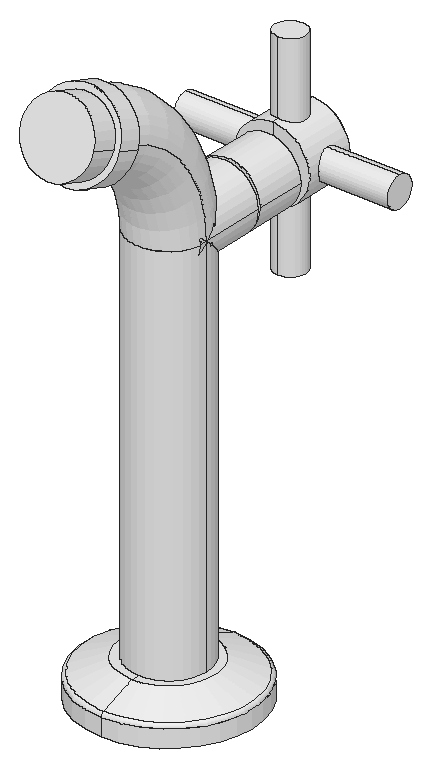
Revit family "Deca_Torneira Cozinha Izy_1159.C37_Bica Móvel Curta Parede", category Plumbing Fixtures, host Face, Revit 2012
Parameters (values of type "1159.C37_Cromado CR10")
  Vendido Separadamente = ""
  Variações de COR = "Cromado (1159.C37)"  # constant formula
  URL = "www.deca.com.br/produtos"
  Torneira = Deca CR10 Cromado Metal
  Segmento = "Médio"  # constant formula
  Raio Água Fria = 7.5 mm  # constant formula
  Produto = "Torneira Cozinha bica móvel curta Parede Izy"  # constant formula
  Pressão = "2 A 40 mca"  # constant formula
  Peso Liquido (Kg) = 0.58
  Norma = "ABNT NBR 15748: 2009"  # constant formula
  Model = Código  # "1159.C37"
  Material = "Deca_Latão Cromado e Plástico de Engenharia"  # constant formula
  Manufacturer = "Deca"  # constant formula
  Louça/Metais = "Metal"  # constant formula
  Linha = "Izy"  # constant formula
  Informações Complementares = "Mecanismo: 3 1/2 voltas"  # constant formula
  Flow Pressure = 0.00 psi
  Diâmetro Água Fria = Raio Água Fria * 2  # 15 mm
  Description = "Torneira cozinha parede"  # constant formula
  Default Elevation = 300 mm
  Código = "1159.C37"  # constant formula
  Criado por = "Contino/quattroD"  # constant formula
  Consumo = "Varia com a pressão"  # constant formula
  CWFU = 0
  Atendimento ao Cliente = "0800-0117073"  # constant formula
  Assembly Code = "D2020"
  Aprovado por = "Contino/quattroD"  # constant formula
  Acompanha o Produto = ""
Reference planes
  plane 1 "Center (Front/Back)": y = -110
  plane 2: z = 0
  plane 3 "Center (Left/Right)": x = 0
  plane 4 "Front 2": z = 179.18
  plane 5 "Front 1": z = 10.474
  plane 6 "Left 1": x = -25
  plane 7 "Top 1": y = -85
  plane 8 "Right 1": x = 24.99
  plane 9 "Bottom 1": y = -135
  plane 10 "Top 2": y = -58.178
  plane 11 "Bottom 2": y = -157.843
Forms (mm)
  Revolve 1, solid, material "Deca CR10 Cromado Metal" <- "Torneira"
    sketch origin (0, 0, 0) x (0, 1, 0) y (0, 0, 1)
      loop
        line (-110, 10.464) -> (-110, 0) -> (-85, 0) -> (-85, 5.212)
        arc (-85, 5.212) -> (-85.301, 5.95) -> (-85.937, 6.43) r 1.5
        line (-85.937, 6.43) -> (-96.124, 10.464) -> (-110, 10.464)
      axis (-110, 0) -> (-110, 10.464)
    angle from 0 to 360
  Sweep 2, solid, material "Deca CR10 Cromado Metal" <- "Torneira"
    path origin (0, 0, 0) x (0, 1, 0) y (0, 0, 1)
      loop
        line (-110, 10.464) -> (-110, 124.926)
        arc (-110, 124.926) -> (-118.026, 148.913) -> (-138.871, 163.239) r 39.857
    profile origin (0, -110, 67.695) x (0, -1, 0) y (1, 0, 0)
      loop
        circle (0, 0) r 11.34
  Extrusion 3, solid, material "Deca CR10 Cromado Metal" <- "Torneira"
    sketch origin (-236.441, -110, -33.456) x (1, 0, 0) y (0, 0, 1)
      loop
        circle (237.768, 158.687) r 10
    from -19.029 to 2.336
  Extrusion 4, solid, material "Deca CR10 Cromado Metal" <- "Torneira"
    sketch origin (0, 0, 71.25) x (0, 1, 0) y (0, 0, 1)
      loop
        circle (-63.664, 54.046) r 4.486
    from -31.976 to 31.724
  Revolve 5, solid, material "Deca CR10 Cromado Metal" <- "Torneira"
    sketch origin (0, 0, 71.25) x (0, 1, 0) y (0, 0, 1)
      loop
        line (-74.884, 53.981) -> (-74.884, 48.05) -> (-71.441, 48.05) -> (-71.441, 42.942) -> (-56.538, 42.942) -> (-56.538, 53.981) -> (-74.884, 53.981)
      axis (-56.538, 53.981) -> (-74.884, 53.981)
    angle from 0 to 360
  Extrusion 6, solid, material "Deca CR10 Cromado Metal" <- "Torneira"
    sketch origin (63.664, -118.791, 125.296) x (1, 0, 0) y (0, 1, 0)
      loop
        circle (-63.664, 54.046) r 4.486
    from -30.968 to 32.575
  Revolve 7, solid, material "Deca CR10 Cromado Metal" <- "Torneira"
    sketch origin (0, -155.13, 125.469) x (1, 0, 0) y (0, 1, 0)
      loop
        line (0.259, 98.671) -> (0.259, 101.34)
        arc (0.259, 101.34) -> (-4.139, 101.379) -> (-8.432, 100.426) r 19.376
        line (-8.432, 100.426) -> (-8.432, 98.671) -> (0.259, 98.671)
      axis (0.259, 101.34) -> (0.259, 98.671)
    angle from 0 to 360
  Extrusion 8, solid, material "Deca CR10 Cromado Metal" <- "Torneira"
    sketch origin (-236.518, -86.93, -33.456) x (1, 0, 0) y (0, 0, 1)
      loop
        circle (237.768, 158.687) r 7.704
    from 2.94 to 4.041
  Extrusion 9, solid, material "Deca CR10 Cromado Metal" <- "Torneira"
    sketch origin (-236.518, -87.533, -33.456) x (1, 0, 0) y (0, 0, 1)
      loop
        circle (237.768, 158.687) r 10
    from -12.65 to 2.336
  Extrusion 10, solid, material "Deca CR10 Cromado Metal" <- "Torneira"
    sketch origin (103.75, -150.37, 57.366) x (1, 0, 0) y (0, 0.34202, 0.939693)
      loop
        circle (-102.999, 103.176) r 12.76
    from 25 to 31.805
  Extrusion 11, solid, material "Deca CR10 Cromado Metal" <- "Torneira"
    sketch origin (103.75, -156.465, 59.584) x (1, 0, 0) y (0, 0.34202, 0.939693)
      loop
        circle (-102.999, 103.176) r 10.886
    from 25.318 to 33.096
Cuts and joins
  joined: Revolve 1, Extrusion 3, Extrusion 4, Revolve 5, Extrusion 6, Extrusion 8, Extrusion 9, Extrusion 10, Extrusion 11
Lines and regions (mm)
  Masking region 1
    outline origin (0, 0, 0) x (1, 0, 0) y (0, 1, 0)
      loop
        arc (-11.548, -56.936) -> (-11.691, -57.863) -> (-12.538, -58.264) r 1
        line (-12.538, -58.264) -> (-31.911, -58.264)
        arc (-31.911, -58.264) -> (-32.618, -58.556) -> (-32.911, -59.264) r 1
        line (-32.911, -59.264) -> (-32.911, -68.236)
        arc (-32.911, -68.236) -> (-32.618, -68.943) -> (-31.911, -69.236) r 1
        line (-31.911, -69.236) -> (-12.552, -69.236)
        arc (-12.552, -69.236) -> (-11.723, -69.594) -> (-11.522, -70.475) r 1
      loop
        arc (11.439, -56.898) -> (11.309, -55.99) -> (10.494, -55.57) r 1
        line (10.494, -55.57) -> (8.535, -55.57) -> (8.535, -54.645)
        arc (8.535, -54.645) -> (0, -53.845) -> (-8.535, -54.647) r 45.845
        line (-8.535, -54.647) -> (-8.535, -55.57) -> (-10.494, -55.57)
        arc (-10.494, -55.57) -> (-11.309, -55.99) -> (-11.439, -56.898) r 1
      loop
        arc (11.548, -56.936) -> (11.691, -57.863) -> (12.538, -58.264) r 1
        line (12.538, -58.264) -> (31.911, -58.264)
        arc (31.911, -58.264) -> (32.618, -58.556) -> (32.911, -59.264) r 1
        line (32.911, -59.264) -> (32.911, -68.236)
        arc (32.911, -68.236) -> (32.618, -68.943) -> (31.911, -69.236) r 1
        line (31.911, -69.236) -> (12.552, -69.236)
        arc (12.552, -69.236) -> (11.723, -69.594) -> (11.522, -70.475) r 1
      loop
        arc (-11.465, -70.489) -> (-11.282, -71.346) -> (-10.494, -71.729) r 1
        line (-10.494, -71.729) -> (-5.99, -71.729) -> (-5.99, -75.078) -> (-12.244, -75.078) -> (-12.244, -88.111)
        arc (-12.244, -88.111) -> (-21.58, -97.284) -> (-25.005, -109.916) r 25.01
        arc (-25.005, -109.916) -> (-20.584, -124.114) -> (-8.886, -133.293) r 25.01
        line (-8.886, -133.293) -> (-8.886, -135.22)
        arc (-8.886, -135.22) -> (-11.442, -136.304) -> (-13.094, -138.537) r 5.277
        line (-13.094, -138.537) -> (-13.094, -145.114)
        arc (-13.094, -145.114) -> (-12.797, -146.168) -> (-11.994, -146.911) r 2.018
        line (-11.994, -146.911) -> (-11.994, -153.404)
        arc (-11.994, -153.404) -> (-11.259, -154.966) -> (-9.849, -155.96) r 3.377
        arc (-9.849, -155.96) -> (-8.003, -156.732) -> (-6.055, -157.193) r 12.259
        arc (-6.055, -157.193) -> (-3.045, -157.678) -> (0, -157.843) r 28.81
        arc (0, -157.843) -> (3.045, -157.678) -> (6.055, -157.193) r 28.81
        arc (6.055, -157.193) -> (8.003, -156.732) -> (9.849, -155.96) r 12.259
        arc (9.849, -155.96) -> (11.259, -154.966) -> (11.994, -153.404) r 3.377
        line (11.994, -153.404) -> (11.994, -146.911)
        arc (11.994, -146.911) -> (12.797, -146.168) -> (13.094, -145.114) r 2.018
        line (13.094, -145.114) -> (13.094, -138.537)
        arc (13.094, -138.537) -> (11.442, -136.304) -> (8.886, -135.22) r 5.277
        line (8.886, -135.22) -> (8.886, -133.293)
        arc (8.886, -133.293) -> (20.584, -124.114) -> (25.005, -109.916) r 25.01
        arc (25.005, -109.916) -> (21.58, -97.284) -> (12.244, -88.111) r 25.01
        line (12.244, -88.111) -> (12.244, -75.078) -> (6.225, -75.078) -> (6.225, -71.729) -> (10.494, -71.729)
        arc (10.494, -71.729) -> (11.282, -71.346) -> (11.465, -70.489) r 1
  Masking region 2
    outline origin (0, -110, 0) x (1, 0, 0) y (0, 0, 1)
      loop
        arc (-9.786, 154.197) -> (-10.946, 142.242) -> (-11.805, 130.262) r 475.35
        line (-11.805, 130.262) -> (-31.917, 130.262)
        arc (-31.917, 130.262) -> (-32.624, 129.97) -> (-32.917, 129.262) r 1
        line (-32.917, 129.262) -> (-32.917, 120.29)
        arc (-32.917, 120.29) -> (-32.624, 119.583) -> (-31.917, 119.29) r 1
        line (-31.917, 119.29) -> (-11.805, 119.29) -> (-11.805, 10.464) -> (-13.876, 10.464) -> (-24.063, 6.43)
        arc (-24.063, 6.43) -> (-24.751, 5.879) -> (-25.01, 5.036) r 1.5
        line (-25.01, 5.036) -> (-25.01, 0) -> (25.01, 0) -> (25.01, 5.036)
        arc (25.01, 5.036) -> (24.751, 5.879) -> (24.063, 6.43) r 1.5
        line (24.063, 6.43) -> (13.876, 10.464) -> (11.805, 10.464) -> (11.805, 119.29) -> (31.917, 119.29)
        arc (31.917, 119.29) -> (32.624, 119.583) -> (32.917, 120.29) r 1
        line (32.917, 120.29) -> (32.917, 129.262)
        arc (32.917, 129.262) -> (32.624, 129.97) -> (31.917, 130.262) r 1
        line (31.917, 130.262) -> (11.805, 130.262)
        arc (11.805, 130.262) -> (10.946, 142.243) -> (9.785, 154.198) r 475.35
        arc (9.785, 154.198) -> (-0.002, 179.18) -> (-9.786, 154.197) r 14.408
  Masking region 3
    outline origin (0, 0, 0) x (0, 1, 0) y (0, 0, 1)
      loop
        arc (-69.948, 113.618) -> (-70.804, 113.801) -> (-71.188, 114.589) r 1
        line (-71.188, 114.589) -> (-71.188, 119.012) -> (-74.537, 119.012) -> (-74.537, 114.023) -> (-80.339, 114.023) -> (-80.339, 112.873) -> (-89.267, 112.873) -> (-89.267, 114.023) -> (-90.346, 114.023) -> (-90.346, 112.622)
        arc (-90.346, 112.622) -> (-95.549, 110.617) -> (-97.57, 105.42) r 6.9
        line (-97.57, 105.42) -> (-97.57, 10.464) -> (-96.124, 10.464) -> (-85.937, 6.43)
        arc (-85.937, 6.43) -> (-85.249, 5.879) -> (-84.99, 5.036) r 1.5
        line (-84.99, 5.036) -> (-84.99, 0) -> (-135, 0) -> (-135, 4.859)
        arc (-135, 4.859) -> (-134.799, 5.804) -> (-134.063, 6.43) r 1.5
        line (-134.063, 6.43) -> (-123.876, 10.464) -> (-121.805, 10.464) -> (-121.805, 121.106)
        arc (-121.805, 121.106) -> (-123.862, 139.769) -> (-137.382, 152.799) r 27.601
        arc (-137.382, 152.799) -> (-140.533, 152.718) -> (-142.451, 150.218) r 3.658
        line (-142.451, 150.218) -> (-149.053, 152.621) -> (-148.404, 154.406) -> (-149.484, 154.8) -> (-149.758, 154.048) -> (-156.967, 156.672)
        arc (-156.967, 156.672) -> (-157.437, 157.768) -> (-157.309, 158.954) r 2.352
        line (-157.309, 158.954) -> (-149.78, 178.705)
        arc (-149.78, 178.705) -> (-149.379, 179.207) -> (-148.76, 179.381) r 1.051
        line (-148.76, 179.381) -> (-141.55, 176.758) -> (-141.824, 176.006) -> (-140.743, 175.613) -> (-140.093, 177.398) -> (-133.491, 174.996)
        arc (-133.491, 174.996) -> (-133.628, 171.848) -> (-131.266, 169.761) r 3.658
        arc (-131.266, 169.761) -> (-113.06, 160.15) -> (-100.275, 144.015) r 49.961
        arc (-100.275, 144.015) -> (-96.325, 139.199) -> (-90.309, 137.583) r 10.188
        line (-90.309, 137.583) -> (-90.309, 136.223) -> (-89.267, 136.223) -> (-89.267, 137.373) -> (-80.339, 137.373) -> (-80.339, 136.223) -> (-74.537, 136.223) -> (-74.537, 131.281) -> (-71.188, 131.281) -> (-71.188, 135.726)
        arc (-71.188, 135.726) -> (-70.895, 136.434) -> (-70.188, 136.726) r 1
        arc (-70.188, 136.726) -> (-69.19, 136.722) -> (-68.695, 137.589) r 0.991
        line (-68.695, 137.589) -> (-68.695, 157.005)
        arc (-68.695, 157.005) -> (-68.402, 157.712) -> (-67.695, 158.005) r 1
        line (-67.695, 158.005) -> (-58.722, 158.005)
        arc (-58.722, 158.005) -> (-58.015, 157.712) -> (-57.722, 157.005) r 1
        line (-57.722, 157.005) -> (-57.722, 137.633)
        arc (-57.722, 137.633) -> (-57.568, 137.051) -> (-57.107, 136.663) r 1
        line (-57.107, 136.663) -> (-56.029, 136.589)
        arc (-56.029, 136.589) -> (-55.322, 136.296) -> (-55.029, 135.589) r 1
        line (-55.029, 135.589) -> (-55.029, 133.629) -> (-54.106, 133.629)
        arc (-54.106, 133.629) -> (-53.303, 125.089) -> (-54.106, 116.548) r 45.845
        line (-54.106, 116.548) -> (-55.029, 116.548) -> (-55.029, 114.589)
        arc (-55.029, 114.589) -> (-55.322, 113.882) -> (-56.029, 113.589) r 1
        line (-56.029, 113.589) -> (-57.107, 113.514)
        arc (-57.107, 113.514) -> (-57.568, 113.127) -> (-57.722, 112.544) r 1
        line (-57.722, 112.544) -> (-57.722, 93.172)
        arc (-57.722, 93.172) -> (-58.015, 92.465) -> (-58.722, 92.172) r 1
        line (-58.722, 92.172) -> (-67.695, 92.172)
        arc (-67.695, 92.172) -> (-68.402, 92.465) -> (-68.695, 93.172) r 1
        line (-68.695, 93.172) -> (-68.695, 112.531)
        arc (-68.695, 112.531) -> (-69.053, 113.36) -> (-69.933, 113.561) r 1
  symbolic lines
    curve 1: line (31.917, -69.15, 0) -> (31.917, -58.178, 0)
    curve 2: spline (7.904, -156.633, 0) -> (10.113, -155.491, 0) -> (10.818, -154.164, 0) -> (9.913, -152.849, 0) -> (7.532, -151.743, 0) -> (4.031, -151.01, 0) -> (-0.07, -150.759, 0) -> (-4.161, -151.027, 0) -> (-7.633, -151.775, 0) -> (-9.968, -152.891, 0) -> (-10.821, -154.209, 0) -> (-10.063, -155.533, 0) -> (-7.807, -156.666, 0)
    curve 3: spline (11.994, -153.047, 0) -> (11.57, -152.043, 0) -> (10.358, -151.121, 0) -> (8.44, -150.341, 0) -> (5.947, -149.759, 0) -> (3.048, -149.412, 0) -> (-0.058, -149.325, 0) -> (-3.16, -149.505, 0) -> (-6.047, -149.937, 0) -> (-8.522, -150.594, 0) -> (-10.416, -151.43, 0) -> (-11.6, -152.389, 0) -> (-11.994, -153.404, 0)
    curve 4: spline (11.994, -146.911, 0) -> (11.585, -145.663, 0) -> (10.387, -144.501, 0) -> (8.481, -143.502, 0) -> (5.997, -142.736, 0) -> (3.104, -142.254, 0) -> (0, -142.09, 0) -> (-3.104, -142.254, 0) -> (-5.997, -142.736, 0) -> (-8.481, -143.502, 0) -> (-10.387, -144.501, 0) -> (-11.585, -145.663, 0) -> (-11.994, -146.911, 0)
    curve 5: spline (13.094, -145.114, 0) -> (12.648, -143.954, 0) -> (11.34, -142.874, 0) -> (9.259, -141.946, 0) -> (6.547, -141.234, 0) -> (3.389, -140.786, 0) -> (0, -140.634, 0) -> (-3.389, -140.786, 0) -> (-6.547, -141.234, 0) -> (-9.259, -141.946, 0) -> (-11.34, -142.874, 0) -> (-12.648, -143.954, 0) -> (-13.094, -145.114, 0)
    curve 6: spline (8.886, -135.22, 0) -> (8.583, -134.919, 0) -> (7.695, -134.638, 0) -> (6.283, -134.397, 0) -> (4.443, -134.212, 0) -> (2.3, -134.096, 0) -> (0, -134.056, 0) -> (-2.3, -134.096, 0) -> (-4.443, -134.212, 0) -> (-6.283, -134.397, 0) -> (-7.695, -134.638, 0) -> (-8.583, -134.919, 0) -> (-8.886, -135.22, 0)
    curve 7: line (11.811, -110, 0) -> (11.811, -90.908, 0)
    curve 8: line (11.811, -90.908, 0) -> (-11.799, -90.908, 0)
    curve 9: line (-11.799, -90.908, 0) -> (-11.799, -110, 0)
    curve 10: line (12.244, -88.111, 0) -> (12.244, -89.734, 0)
    curve 11: line (12.244, -89.734, 0) -> (-12.244, -89.734, 0)
    curve 12: line (-12.244, -89.734, 0) -> (-12.244, -88.111, 0)
    curve 13: line (-10.994, -89.734, 0) -> (-10.994, -90.908, 0)
    curve 14: line (11.006, -89.734, 0) -> (11.006, -90.908, 0)
    curve 15: arc (-11.799, -102.624, 0) -> (-13.807, -111.233, 0) -> (-10.209, -119.308, 0) r 13.876
    curve 16: arc (10.084, -119.454, 0) -> (12.897, -115.049, 0) -> (13.882, -109.916, 0) r 13.876
    curve 17: arc (13.882, -109.916, 0) -> (13.354, -106.126, 0) -> (11.811, -102.624, 0) r 13.876
    curve 18: spline (-11.799, -110, 0) -> (-11.397, -107.663, 0) -> (-10.217, -105.485, 0) -> (-8.341, -103.615, 0) -> (-5.897, -102.18, 0) -> (-3.049, -101.278, 0) -> (0.006, -100.97, 0) -> (3.061, -101.278, 0) -> (5.908, -102.18, 0) -> (8.353, -103.615, 0) -> (10.229, -105.485, 0) -> (11.409, -107.663, 0) -> (11.811, -110, 0)
    curve 19: line (-5.99, -71.729, 0) -> (6.225, -71.729, 0)
    curve 20: line (6.225, -75.078, 0) -> (-5.99, -75.078, 0)
    curve 21: line (-5.176, -75.078, 0) -> (-5.176, -80.88, 0)
    curve 22: line (-5.176, -80.88, 0) -> (5.188, -80.88, 0)
    curve 23: line (5.188, -80.88, 0) -> (5.188, -75.078, 0)
    curve 24: arc (-12.244, -89.205, 0) -> (-23.983, -111.804, 0) -> (-8.854, -132.288, 0) r 24.063
    curve 25: arc (24.068, -109.916, 0) -> (20.908, -97.995, 0) -> (12.256, -89.205, 0) r 24.063
    curve 26: arc (8.956, -132.252, 0) -> (19.936, -123.4, 0) -> (24.068, -109.916, 0) r 24.063
    curve 27: arc (-11.799, -110, 0) -> (-9.392, -121.527, 0) -> (-8.886, -133.293, 0) r 72.423
    curve 28: arc (11.811, -110, 0) -> (9.803, -121.569, 0) -> (8.925, -133.278, 0) r 121.056
    curve 29: arc (-12.538, -58.264, 0) -> (-10.762, -63.749, 0) -> (-12.538, -69.235, 0) r 9.359
    curve 30: arc (-11.492, -57.265, 0) -> (-9.935, -64, 0) -> (-11.521, -70.729, 0) r 15.201
    curve 31: arc (12.538, -58.264, 0) -> (10.505, -63.749, 0) -> (12.538, -69.235, 0) r 8.418
    curve 32: arc (11.492, -57.265, 0) -> (9.731, -63.873, 0) -> (11.492, -70.482, 0) r 13.278
    curve 33: line (0.006, -56.57, 0) -> (11.506, -56.57, 0)
    curve 34: line (-11.494, -56.57, 0) -> (0.006, -56.57, 0)
    curve 35: line (11.506, -70.729, 0) -> (-11.521, -70.729, 0)
    curve 36: circle (0.006, -63.75, 0) r 4.486 normal (0, 0, 1)
    curve 37: spline (0, -70.441, 0) -> (-1.55, -70.216, 0) -> (-2.995, -69.555, 0) -> (-4.236, -68.504, 0) -> (-5.188, -67.135, 0) -> (-5.786, -65.54, 0) -> (-5.99, -63.828, 0) -> (-5.786, -62.116, 0) -> (-5.188, -60.521, 0) -> (-4.236, -59.152, 0) -> (-2.995, -58.101, 0) -> (-1.55, -57.44, 0) -> (0, -57.215, 0) -> (1.55, -57.44, 0) -> (2.995, -58.101, 0) -> (4.236, -59.152, 0) -> (5.188, -60.521, 0) -> (5.786, -62.116, 0) -> (5.99, -63.828, 0) -> (5.786, -65.54, 0) -> (5.188, -67.135, 0) -> (4.236, -68.504, 0) -> (2.995, -69.555, 0) -> (1.55, -70.216, 0) -> (0, -70.441, 0)
    curve 38: line (-11.805, -110, 10.464) -> (11.805, -110, 10.464)
    curve 39: line (-25.01, -110, 5.036) -> (25.01, -110, 5.036)
    curve 40: line (-31.917, -110, 119.29) -> (-31.917, -110, 130.262)
    curve 41: line (31.917, -110, 130.262) -> (31.917, -110, 119.29)
    curve 42: line (24.063, -110, 6.43) -> (-24.063, -110, 6.43)
    curve 43: line (5.486, -110, 156.693) -> (5.486, -110, 135.463)
    curve 44: line (-5.486, -110, 135.463) -> (-5.486, -110, 156.693)
    curve 45: line (4.486, -110, 157.693) -> (-4.486, -110, 157.693)
    curve 46: arc (4.486, -110, 157.693) -> (5.193, -110, 157.4) -> (5.486, -110, 156.693) r 1
    curve 47: arc (-5.486, -110, 156.693) -> (-5.193, -110, 157.4) -> (-4.486, -110, 157.693) r 1
    curve 48: line (-5.486, -110, 156.693) -> (5.486, -110, 156.693)
    curve 49: arc (-5.486, -110, 141.523) -> (-9.382, -110, 136.394) -> (-11.357, -110, 130.262) r 19.144
    curve 50: arc (-5.486, -110, 113.857) -> (-12.25, -110, 124.81) -> (-5.486, -110, 135.763) r 12.25
    curve 51: arc (5.486, -110, 135.763) -> (8.675, -110, 133.459) -> (10.97, -110, 130.262) r 12.25
    curve 52: circle (0, -110, 124.776) r 11.5 normal (0, 1, 0)
    curve 53: circle (0, -110, 124.776) r 8.541 normal (0, 1, 0)
    curve 54: arc (5.486, -110, 113.857) -> (12.25, -110, 124.81) -> (5.486, -110, 135.763) r 12.25
    curve 55: arc (5.486, -110, 141.523) -> (9.382, -110, 136.394) -> (11.357, -110, 130.262) r 19.144
    curve 56: arc (-5.486, -110, 135.463) -> (0, -110, 137.272) -> (5.486, -110, 135.463) r 9.222
    curve 57: arc (-5.486, -110, 135.463) -> (-5.62, -110, 134.962) -> (-5.988, -110, 134.595) r 1.003
    curve 58: arc (5.486, -110, 135.463) -> (5.596, -110, 135.005) -> (5.901, -110, 134.647) r 1.01
    curve 59: arc (-9.498, -110, 156.541) -> (0, -110, 174.691) -> (9.498, -110, 156.541) r 11.56
    curve 60: line (-9.786, -110, 154.197) -> (-8.916, -110, 161.279)
    curve 61: arc (0, -110, 170.195) -> (-6.305, -110, 167.584) -> (-8.916, -110, 161.279) r 8.916
    curve 62: line (9.786, -110, 154.197) -> (8.916, -110, 161.279)
    curve 63: arc (0, -110, 170.195) -> (6.305, -110, 167.584) -> (8.916, -110, 161.279) r 8.916
    curve 64: line (5.486, -110, 92.86) -> (5.486, -110, 114.089)
    curve 65: line (-5.486, -110, 114.089) -> (-5.486, -110, 92.86)
    curve 66: line (4.486, -110, 91.86) -> (-4.486, -110, 91.86)
    curve 67: arc (4.486, -110, 91.86) -> (5.193, -110, 92.153) -> (5.486, -110, 92.86) r 1
    curve 68: arc (-5.486, -110, 92.86) -> (-5.193, -110, 92.153) -> (-4.486, -110, 91.86) r 1
    curve 69: line (-5.486, -110, 92.86) -> (5.486, -110, 92.86)
    curve 70: arc (-5.486, -110, 114.089) -> (0, -110, 112.28) -> (5.486, -110, 114.089) r 9.222
    curve 71: arc (-5.486, -110, 114.089) -> (-5.62, -110, 114.591) -> (-5.988, -110, 114.958) r 1.003
    curve 72: arc (5.486, -110, 114.089) -> (5.596, -110, 114.547) -> (5.901, -110, 114.906) r 1.01
    curve 73: line (0, -98.195, 10.464) -> (0, -121.805, 10.464)
    curve 74: line (0, -135, 4.859) -> (0, -85, 4.859)
    curve 75: line (0, -74.537, 131.281) -> (0, -74.537, 119.012)
    curve 76: line (0, -89.267, 137.16) -> (0, -89.267, 114.023)
    curve 77: line (0, -90.345, 113.559) -> (0, -90.349, 136.223)
    curve 78: line (0, -121.18, 125.829) -> (0, -109.375, 125.829)
    curve 79: line (0, -109.375, 125.829) -> (0, -100.505, 144.47)
    curve 80: line (0, -109.375, 125.829) -> (0, -97.57, 106.357)
    curve 81: line (0, -90.345, 113.559) -> (0, -109.375, 125.829)
    curve 82: line (0, -91.679, 137.609) -> (0, -109.375, 125.829)
    curve 83: line (0, -71.188, 131.281) -> (0, -71.188, 119.012)
    curve 84: line (0, -57.722, 94.11) -> (0, -63.209, 94.11)
    curve 85: line (0, -63.209, 94.11) -> (0, -68.695, 94.11)
    curve 86: line (0, -68.695, 157.943) -> (0, -57.722, 157.943)
    curve 87: arc (0, -56.724, 136.637) -> (0, -63.211, 134.996) -> (0, -69.698, 136.637) r 13.641
    curve 88: arc (0, -56.029, 113.218) -> (0, -62.952, 115.366) -> (0, -69.97, 113.552) r 13.255
    curve 89: circle (0, -63.209, 125.089) r 4.486 normal (-1, 0, 0)
    curve 90: line (0, -56.029, 136.589) -> (0, -56.029, 113.218)
    curve 91: line (0, -55.029, 116.548) -> (0, -55.029, 133.629)
    curve 92: spline (0, -56.896, 125.111) -> (0, -57.114, 126.708) -> (0, -57.752, 128.196) -> (0, -58.768, 129.473) -> (0, -60.091, 130.454) -> (0, -61.633, 131.07) -> (0, -63.287, 131.281) -> (0, -64.941, 131.07) -> (0, -66.482, 130.454) -> (0, -67.806, 129.473) -> (0, -68.821, 128.196) -> (0, -69.46, 126.708) -> (0, -69.677, 125.111) -> (0, -69.46, 123.514) -> (0, -68.821, 122.026) -> (0, -67.806, 120.748) -> (0, -66.482, 119.768) -> (0, -64.941, 119.151) -> (0, -63.287, 118.941) -> (0, -61.633, 119.151) -> (0, -60.091, 119.768) -> (0, -58.768, 120.748) -> (0, -57.752, 122.026) -> (0, -57.114, 123.514) -> (0, -56.896, 125.111)
    curve 93: arc (-5.486, -110, 108.098) -> (-9.382, -110, 113.227) -> (-11.357, -110, 119.358) r 19.144
    curve 94: arc (5.486, -110, 108.098) -> (9.382, -110, 113.227) -> (11.357, -110, 119.358) r 19.144
    curve 95: line (0, -148.404, 154.406) -> (0, -140.743, 175.613)
    curve 96: line (0, -141.824, 176.006) -> (0, -149.484, 154.8)
    curve 97: line (0, -131.266, 169.761) -> (0, -137.392, 152.803)
    curve 98: line (0, -142.451, 150.218) -> (0, -133.522, 174.936)
Dimensions and locks
  plane 4 "Front 2" to plane 5 "Front 1" to plane 2 = 168.706 mm, 10.474 mm
  plane 6 "Left 1" to plane 8 "Right 1" = 49.99 mm  (x2)
  plane 4 "Front 2" to plane 2 = 179.18 mm
  plane 2 to plane 4 "Front 2" = 179.18 mm
  plane 7 "Top 1" to plane 9 "Bottom 1" = 50 mm
  plane 2 to plane 5 "Front 1" to plane 4 "Front 2" = 10.474 mm, 168.706 mm
  plane 9 "Bottom 1" to plane 7 "Top 1" to plane 10 "Top 2" = 50 mm, 26.822 mm
  plane 11 "Bottom 2" to plane 10 "Top 2" = 99.665 mm
  aligned and locked: host face to plane 2
  aligned and locked: level to host face
Connectors
  piping at (0, -110, 0), driven by "Raio Água Fria", driven by "Flow Pressure", driven by "CWFU"
    settings: on cut or joined group of Revolve 1, Extrusion 3, Extrusion 4, Revolve 5, Extrusion 6, Extrusion 8, Extrusion 9, Extrusion 10, Extrusion 11, index 1, connector radius 0.29528", flow factor 0, pipe flow 0 GPM, pressure drop 0.00 psi, fitting loss kfactor 0, connector angle 0.00°, fixture units 0, engagement length 0 mm, flow configuration 3, flow direction 1, fitting loss method 4, system type 20, joint type 0, gender type 0, connector reference index -1, connector utility 0, adjustable connector no, is connector primary yes, fitting loss table "", connector description ""
